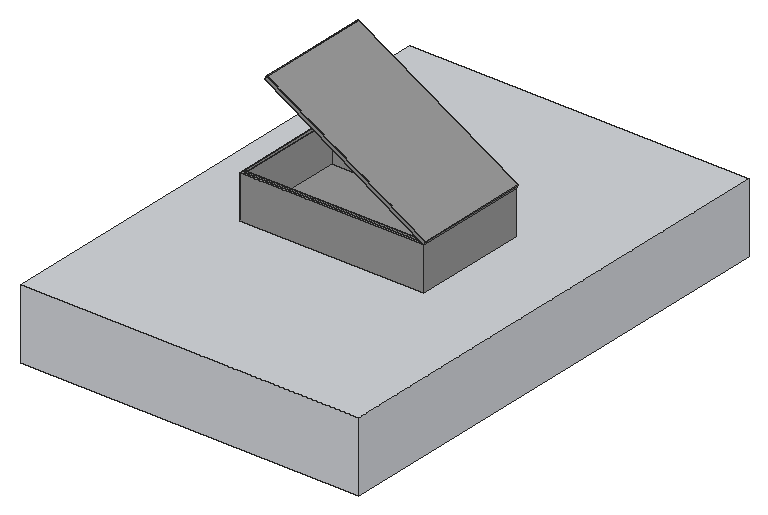
Revit family "Hager-Univers-IP54-D205-H500-Cl.II-Encl-CH-de", category Equipement électrique, Revit 2020
Family settings
  Hôte = Face
  Configuration du panneau = Deux colonnes, circuits au sein
  Cote de connecteur circulaire = Utiliser le diamètre
  Type d'élément = Tableau de raccordement
  Couper avec des vides une fois chargée = Non
  Partagée = Non
  Point de calcul de pièce = Non
Parameters (values of type "Aufputz IP54 B800 H500 T205  - FP33QSW")
  Width Control [instance] = if([EF000008 - Breite] > Min Width, [EF000008 - Breite], Min Width)  # 800 mm
  Commentaires du type = [HG000003 - Bereich]  # "Univers"
  Thickness Door [instance] = if([EF009171 - Materialstärke Tür/Deckel] > 3 mm, 3 mm, [EF009171 - Materialstärke Tür/Deckel])  # 1 mm
  Seal Frame Offset [instance] = 17 mm  # constant formula
  Plinth Visibility [instance] = [HG000027 - Sockelhöhe] > 0 mm  # no
  Model = ""
  Min Width [instance] = 100 mm  # constant formula
  Min Height [instance] = 100 mm  # constant formula
  Min Depth [instance] = (2 * [EF009170 - Materialstärke Gehäuse]) + 1 mm  # 3 mm
  Internal Frame Depth [instance] = (Door System Depth * 0.5)  # 9 mm
  Height Control [instance] = if([EF000040 - Höhe] > Min Height, [EF000040 - Höhe], Min Height)  # 500 mm
  HG000027 - Sockelhöhe = 0 mm
  HG000026 - Stehend auf dem Boden = no
  HG000024 - Höhe des unteren Teils = 800 mm
  HG000023 - Gehäuse mit doppeltem Querschnitt = no
  HG000016 - 3D-Türsichtbarkeit [instance] = yes
  HG000015 - Sichtbarkeit der Türöffnung [instance] = no
  HG000014 - Tür rechts [instance] = yes
  HG000013 - Tür links [instance] = not([HG000014 - Tür rechts])  # no
  HG000012 - Türschwenkwinkel [instance] = 30.00°
  HG000010 - Asymmetrische Türen = no
  HG000009 - Doppelflügeligen Tür = no
  HG000006 - Unterputz = no
  HG000004 - Herstellerreferenz = "FP33QSW"
  HG000003 - Bereich = "Univers"
  HG000002 - Mit tür = yes
  Frame Offset Bottom [instance] = 10 mm  # constant formula
  Frame Offset [instance] = 15 mm  # constant formula
  EF015940 - Deckel mit Überdruckentlastung = no
  EF011959 - Schutzart (NEMA) = ""
  EF009554 - Anzahl der Öffnungen für Flanschplatten = 6
  Fabricant = "Hager"  # constant formula
  EF009212 - Ausführung Deckel = "EV000116 - geschlossen"
  EF009171 - Materialstärke Tür/Deckel = 1 mm
  EF009170 - Materialstärke Gehäuse = 1 mm
  EF008873 - Nennstrom (In) = 250 A
  EF007800 - Geeignet für Blitzschutz = no
  EF006306 - Mit Schloss = no
  EF006244 - Transparenter Deckel/Tür = no
  EF005474 - Schutzart (IP) = "EV006419 - IP54"
  EF004464 - Art der Tür = "EV002646 - Einzel"
  EF004427 - Anzahl der Module = 108
  EF004293 - Schlagfestigkeit = "EV006815 - IK09"
  EF003532 - Geeignet für Außengebrauch = no
  EF002950 - Breite in Teilungseinheiten = 36
  EF001613 - Funktionserhalt = "EV000494 - ohne"
  EF001596 - Werkstoff des Gehäuses = "EV000179 - Stahl"
  EF001131 - Innentiefe = 130 mm
  EF001088 - Anbaumöglichkeit = yes
  EF000437 - Anzahl der Leitungseinführungen = 6
  EF000339 - Art der Abdeckung = "EV001012 - Deckel"
  EF000266 - Anzahl der Reihen = 3
  EF000218 - Einbautiefe = 0 mm
  EF000118 - Mit Montageplatte = no
  EF000116 - RAL-Nummer = "9010"
  EF000049 - Tiefe = 205 mm
  EF000040 - Höhe = 500 mm
  EF000008 - Breite = 800 mm
  EF000007 - Farbe = "EV000202 - weiß"
  EF000003 - Montageart = "EV000384 - Aufputz"
  Door System Leaf Tolerance [instance] = 1.5 mm  # constant formula
  Door System Depth [instance] = 18 mm  # constant formula
  Door Height [instance] = Height Control - [HG000027 - Sockelhöhe]  # 500 mm
  Depth Control [instance] = if([EF000049 - Tiefe] > Min Depth, [EF000049 - Tiefe], Min Depth)  # 205 mm
  Default Elevation = 0 mm
  Connector Offset [instance] = Height Control / 2  # 250 mm
  Bottom Top Plate Trim [instance] = 1.5 mm  # constant formula
  Plinth height Ctrl [instance] = if([HG000027 - Sockelhöhe] > 0 mm, [HG000027 - Sockelhöhe], 12 mm)  # 12 mm
Types (3, lengths in mm): name | Width Control | HG000004 - Herstellerreferenz | EF009554 - Anzahl der Öffnungen für Flanschplatten | EF004427 - Anzahl der Module | EF002950 - Breite in Teilungseinheiten | EF000437 - Anzahl der Leitungseinführungen | EF000008 - Breite
  Aufputz IP54 B300 H500 T205  - FP31QSW | 300 | "FP31QSW" | 2 | 36 | 12 | 2 | 300
  Aufputz IP54 B550 H500 T205  - FP32QSW | 550 | "FP32QSW" | 4 | 72 | 24 | 4 | 550
  Aufputz IP54 B800 H500 T205  - FP33QSW | 800 | "FP33QSW" | 6 | 108 | 36 | 6 | 800
Reference planes
  plane 1 "Center (Front/Back)": y = 0
  plane 2: z = 0
  plane 3 "Center (Left/Right)": x = 0
  plane 4: z = 205
  plane 5: y = 1
  plane 6: y = 250
  plane 7: y = 0
  plane 8: y = 500
  plane 9: z = 0
  plane 10: x = -385
  plane 11: x = 385
  plane 12: x = 384
  plane 13: x = -384
  plane 14: y = 499
  plane 15: x = -383
  plane 16: x = -400
  plane 17: x = 383
  plane 18: x = 400
  plane 19: x = 399
  plane 20: x = -399
  plane 21: y = 11
  plane 22: y = 500
  plane 23: y = 484
  plane 24: z = 187
  plane 25: z = 1
  plane 26: z = 186
  plane 27: z = 204
Forms (mm)
  Extrusion 1, solid
    sketch origin (0, 0, 0) x (1, 0, 0) y (0, 1, 0)
      loop
        line (-702.964, 1305) -> (-702.964, -811.445) -> (766.763, -811.445) -> (766.763, 1305) -> (-702.964, 1305)
    from 0 to -304.8
  Extrusion 2, solid, material "Hager_Steel_RAL7035_Light_Grey", visible <- "Plinth Visibility", detail levels medium+fine
    sketch origin (0, 0, 0) x (1, 0, 0) y (0, 1, 0)
      loop
        line (-400, 0) -> (400, 0) -> (400, 12) -> (-400, 12) -> (-400, 0)
    from 0 to 187
  Extrusion 3, solid, material "Hager_Steel_RAL7035_Light_Grey", detail levels medium+fine
    sketch origin (0, 0, 0) x (1, 0, 0) y (0, 1, 0)
      loop
        line (-400, 0) -> (400, 0) -> (400, 500) -> (-400, 500) -> (-400, 0)
    from 0 to 187
  Extrusion 4, void
    sketch origin (0, 0, 0) x (1, 0, 0) y (0, 1, 0)
      loop
        line (-399, 1) -> (399, 1) -> (399, 499) -> (-399, 499) -> (-399, 1)
    from 1 to 186
  Extrusion 5, void
    sketch origin (-381.607, -4572, 187) x (0, -1, 0) y (-1, 0, 0)
      loop
        line (-4583, 2.393) -> (-5056, 2.393) -> (-5056, -765.607) -> (-4583, -765.607) -> (-4583, 2.393)
    from 0 to 1 <- "EF009170 - Materialstärke Gehäuse"
  Extrusion 6, solid, material "Hager_Steel_RAL7035_Light_Grey", detail levels fine
    sketch origin (0, 0, 187) x (1, 0, 0) y (0, 1, 0)
      loop
        line (-384, 484) -> (-384, 11) -> (384, 11) -> (384, 484) -> (-384, 484)
      loop
        line (-385, 10) -> (385, 10) -> (385, 485) -> (-385, 485) -> (-385, 10)
    from 0 to 9 <- "Internal Frame Depth"
  Extrusion 7, solid, material "Hager_Steel_RAL7035_Light_Grey", detail levels coarse
    sketch origin (0, 0, 0) x (1, 0, 0) y (0, 1, 0)
      loop
        line (-400, 0) -> (400, 0) -> (400, 500) -> (-400, 500) -> (-400, 0)
    from 0 to 205
  Sweep 8, void
    path in 3D
      loop
        line (-400, 12, 0) -> (400, 12, 0) -> (400, 12, 187) -> (-400, 12, 187) -> (-400, 12, 0)
    profile origin (-400, 12, 93.5) x (-1, 0, 0) y (0, -1, 0)
      loop
        line (0, 0) -> (0, 1.5) -> (-1.5, 1.5)
        arc (-1.5, 1.5) -> (-1.061, 0.439) -> (0, 0) r 1.5
Cuts and joins
  Extrusion 4, Extrusion 5 cuts Extrusion 3
  Sweep 8 cuts Extrusion 2
Lines and regions (mm)
  Masking region 1
    outline origin (0, 0, 0) x (1, 0, 0) y (0, 0, 1)
      loop
        line (-400, 205) -> (-400, 0) -> (400, 0) -> (400, 205) -> (-400, 205)
  Masking region 2, detail levels medium+fine
    outline origin (0, 140, 0) x (0, 1, 0) y (0, 0, 1)
      loop
        line (-140, 0) -> (360, 0) -> (360, 187) -> (-140, 187) -> (-140, 0)
  Masking region 3, not visible, detail levels medium+fine
    outline origin (0, 297.922, 0) x (0, 1, 0) y (0, 0, 1)
      loop
        line (-36.422, 0) -> (3.578, 0) -> (3.578, 194)
        arc (3.578, 194) -> (0.649, 201.071) -> (-6.422, 204) r 10
        line (-6.422, 204) -> (-36.422, 204) -> (-36.422, 0)
  Masking region 4, detail levels coarse
    outline origin (0, 0, 180) x (0, 1, 0) y (0, 0, 1)
      loop
        line (0, -180) -> (500, -180) -> (500, 25) -> (0, 25) -> (0, -180)
  Masking region 5, visible <- "Plinth Visibility", detail levels medium+fine
    outline origin (0, 52.24, 12.345) x (0, 0, -1) y (0, 1, 0)
      loop
        line (10.845, -40.24) -> (-173.155, -40.24)
        arc (-173.155, -40.24) -> (-173.594, -41.301) -> (-174.655, -41.74) r 1.5
        line (-174.655, -41.74) -> (-174.655, -52.24) -> (12.345, -52.24) -> (12.345, -41.74)
        arc (12.345, -41.74) -> (11.285, -41.301) -> (10.845, -40.24) r 1.5
  Masking region 6, detail levels medium+fine
    outline origin (-381.607, -4572, 187) x (-1, 0, 0) y (0, -1, 0)
      loop
        line (18.393, -5072) -> (18.393, -4572) -> (-781.607, -4572) -> (-781.607, -5072) -> (18.393, -5072)
  Masking region 7, visible <- "Plinth Visibility", detail levels medium+fine
    outline origin (-381.607, -4727, 187) x (-1, 0, 0) y (0, -1, 0)
      loop
        arc (16.893, -4739) -> (17.332, -4737.939) -> (18.393, -4737.5) r 1.5
        line (18.393, -4737.5) -> (18.393, -4727) -> (-781.607, -4727) -> (-781.607, -4737.5)
        arc (-781.607, -4737.5) -> (-780.546, -4737.939) -> (-780.107, -4739) r 1.5
        line (-780.107, -4739) -> (16.893, -4739)
  Masking region 8, detail levels coarse
    outline origin (-442.548, -4669.526, 187) x (-1, 0, 0) y (0, -1, 0)
      loop
        line (-42.548, -5169.526) -> (-42.548, -4669.526) -> (-842.548, -4669.526) -> (-842.548, -5169.526) -> (-42.548, -5169.526)
  sketch lines
    curve 1: line (-400, 12, 187) -> (-400, 12, 0)
    curve 2: line (400, 12, 187) -> (-400, 12, 187)
    curve 3: line (400, 12, 187) -> (400, 12, 0)
    curve 4: line (-400, 12, 0) -> (400, 12, 0)
Dimensions and locks
  "Depth Control": plane 4 to Extrusion 1
  "HG000027 - Sockelhöhe": plane 1 "Center (Front/Back)" to plane 7
  "EF009170 - Materialstärke Gehäuse": plane 5 to plane 7
  locked: connector elem to plane 3 "Center (Left/Right)"
  equal spacing: plane 8, plane 6, plane 7
  locked: connector elem to plane 6
  "EF009170 - Materialstärke Gehäuse": plane 8 to plane 14
  "EF009170 - Materialstärke Gehäuse": plane 10 to plane 13
  "EF009170 - Materialstärke Gehäuse": plane 12 to plane 11
  "Frame Offset": plane 20 to plane 13
  "Frame Offset": plane 12 to plane 19
  "EF009170 - Materialstärke Gehäuse": plane 16 to plane 20
  "EF009170 - Materialstärke Gehäuse": plane 19 to plane 18
  "Seal Frame Offset": plane 16 to plane 15
  "Seal Frame Offset": plane 17 to plane 18
  "Frame Offset Bottom": plane 21 to plane 5
  "Frame Offset": plane 14 to plane 23
  equal spacing: plane 16, plane 3 "Center (Left/Right)", plane 18
  "Width Control": plane 16 to plane 18
  "EF009170 - Materialstärke Gehäuse": plane 4 to plane 27
  "EF009170 - Materialstärke Gehäuse": plane 24 to plane 26
  "EF009170 - Materialstärke Gehäuse": plane 25 to level
  "Door System Depth": plane 4 to plane 24
  "Height Control": plane 1 "Center (Front/Back)" to Extrusion 7 sketch curve
  "Height Control": Masking region 4 sketch curve to plane 1 "Center (Front/Back)"
  "Height Control": plane 1 "Center (Front/Back)" to plane 22
  "Bottom Top Plate Trim": profile plane to Sweep 8 sketch curve
  "Bottom Top Plate Trim": Sweep 8 sketch curve to profile plane
  "Plinth height Ctrl": plane 1 "Center (Front/Back)" to Extrusion 2 sketch curve
  "Plinth height Ctrl": Masking region 5 sketch curve to plane 1 "Center (Front/Back)"
  "Plinth height Ctrl": plane 1 "Center (Front/Back)" to Masking region 7 sketch curve
  "Thickness Door": Extrusion 6 sketch curve to Extrusion 6 sketch curve  (x3)
  "Thickness Door": cut or joined group of Extrusion 3, Extrusion 4, Extrusion 5 to Extrusion 6 sketch curve
  radius of Masking region 3 sketch curve = 10 mm
  "Bottom Top Plate Trim": radius of Masking region 5 sketch curve  (x2)
  "Bottom Top Plate Trim": radius of Sweep 8 sketch curve
  "Bottom Top Plate Trim": radius of Masking region 7 sketch curve  (x2)
  aligned and locked: plane 2 to Extrusion 1
  aligned and locked: level to Extrusion 1
  aligned and locked: level to Masking region 1 sketch curve
  aligned and locked: Masking region 1 sketch curve to plane 18
  aligned and locked: Masking region 1 sketch curve to plane 16
  aligned and locked: plane 7 to Masking region 2 sketch curve
  aligned and locked: level to Masking region 3 sketch curve
  aligned and locked: Masking region 3 sketch curve to plane 27
  aligned and locked: level to Masking region 2 sketch curve
  aligned and locked: plane 1 "Center (Front/Back)" to Extrusion 2 sketch curve
  aligned and locked: Extrusion 3 sketch curve to plane 7
  aligned and locked: plane 16 to Extrusion 3 sketch curve
  aligned and locked: plane 18 to Extrusion 3 sketch curve
  aligned and locked: plane 20 to Extrusion 4 sketch curve
  aligned and locked: plane 19 to Extrusion 4 sketch curve
  aligned and locked: Extrusion 4 sketch curve to plane 5
  aligned and locked: Extrusion 4 to plane 25
  aligned and locked: plane 26 to Extrusion 4
  aligned and locked: plane 24 to Extrusion 3
  aligned and locked: Extrusion 5 sketch curve to plane 21
  aligned and locked: Extrusion 5 sketch curve to plane 13
  aligned and locked: Extrusion 5 sketch curve to plane 12
  aligned and locked: plane 18 to Extrusion 7 sketch curve
  aligned and locked: plane 1 "Center (Front/Back)" to Extrusion 7 sketch curve
  aligned and locked: plane 16 to Extrusion 7 sketch curve
  aligned and locked: plane 4 to Extrusion 7
  aligned and locked: Extrusion 7 to level
  aligned and locked: level to Masking region 4 sketch curve
  aligned and locked: Masking region 4 sketch curve to plane 1 "Center (Front/Back)"
  aligned and locked: Masking region 4 sketch curve to plane 4
  aligned and locked: nested 1 to level
  aligned and locked: nested 1 to plane 16
  aligned and locked: plane 8 to Extrusion 3 sketch curve
  aligned and locked: plane 23 to Extrusion 5 sketch curve
  aligned and locked: plane 14 to Extrusion 4 sketch curve
  aligned and locked: Masking region 2 sketch curve to plane 8
  aligned and locked: level to Masking region 5 sketch curve
  aligned and locked: plane 16 to Extrusion 2 sketch curve
  aligned and locked: plane 18 to Extrusion 2 sketch curve
  aligned and locked: Masking region 5 sketch curve to plane 24
  aligned and locked: Masking region 2 sketch curve to plane 24
  aligned and locked: plane 24 to Extrusion 2
  aligned and locked: profile plane to Sweep 8 sketch curve  (x2)
  aligned and locked: Masking region 6 sketch curve to plane 18
  aligned and locked: Masking region 6 sketch curve to plane 22
  aligned and locked: Masking region 6 sketch curve to plane 16
  aligned and locked: plane 8 to plane 22
  aligned and locked: Masking region 6 sketch curve to plane 7
  aligned and locked: Masking region 7 sketch curve to plane 16
  aligned and locked: Masking region 7 sketch curve to plane 1 "Center (Front/Back)"
  aligned and locked: Masking region 7 sketch curve to plane 18
  aligned and locked: Masking region 8 sketch curve to plane 1 "Center (Front/Back)"
  aligned and locked: Masking region 8 sketch curve to plane 18
  aligned and locked: Masking region 8 sketch curve to plane 22
  aligned and locked: Masking region 8 sketch curve to plane 16
  aligned and locked: nested 2 to plane 7
  aligned and locked: plane 3 "Center (Left/Right)" to nested 2
  aligned and locked: nested 2 to plane 24
  aligned and locked: Extrusion 6 sketch curve to cut or joined group of Extrusion 3, Extrusion 4, Extrusion 5  (x4)
Automatic sketch dimensions
  Extrusion 1 sketch curve to Extrusion 1 sketch curve = 1469.727 mm
  Extrusion 1 sketch curve to Extrusion 1 sketch curve = 2116.445 mm
  Masking region 1 sketch curve to plane 4 = 0 mm
  plane 6 to Masking region 3 sketch curve = 11.5 mm
  Masking region 3 sketch curve to Masking region 3 sketch curve = 30 mm
  Masking region 5 sketch curve to plane 1 "Center (Front/Back)" = 0 mm
Nested families
  nested 1: "Hager_Enclosure_Symbol" at (-400, 0, 0) x (1, 0, 0) z (0, -1, 0), Height <- "Depth Control", Width <- "Width Control", type "Hager_Enclosure_Symbol"
    with Width_Ctrl 800 mm, Width 800 mm, Height_Ctrl 205 mm, Height 205 mm, A_Width_Int 13.453 mm, A_Width 161.438 mm, A_Height_Ctrl 179.375 mm, A_Height 179.375 mm
  nested 2: "EC000058_Univers_Door" at (0, 0, 187) x (1, 0, 0) z (0, 1, 0), Leaf_Tolerance <- "Door System Leaf Tolerance", Angle <- "HG000012 - Türschwenkwinkel", Door_Depth <- "Door System Depth", Door_Left <- "HG000013 - Tür links", Transparent <- "EF006244 - Transparenter Deckel/Tür", Assymetrical <- "HG000010 - Asymmetrische Türen", Width <- "Width Control", Clearance <- "HG000015 - Sichtbarkeit der Türöffnung", Double <- "HG000009 - Doppelflügeligen Tür", 3d_Door <- "HG000016 - 3D-Türsichtbarkeit", Lock_Visibility <- "EF006306 - Mit Schloss", Width_Ctrl <- "Width Control", Door_Right <- "HG000014 - Tür rechts", Door <- "HG000002 - Mit tür", Height <- "Door Height", Thickness <- "Thickness Door", type "EC000058_Univers_Door", detail levels medium+fine
    with min_wh 3 mm, Width_Ctrl 800 mm, Width 800 mm, Transparent no, Thickness 1 mm, Seal_Material Hager_Rubber, Lock_Visibility no, Lock_Material Hager_Plastic_RAL9005_Jet_Black, Leaf_Width 800 mm, Leaf_Tolerance_External_Sides 0 mm, Leaf_Tolerance 1.5 mm, Leaf_Offset 0 mm, Leaf_Height 497 mm, Leaf_2_Width 800 mm, Leaf_2_Offset 400 mm, Leaf_1_Width 800 mm, Leaf_1_Offset 400 mm, Height_Ctrl 500 mm, Height 500 mm, Glass_Material Hager_Glass, Double_Clearance_Ctrl no, Double no, Door_Right_Ctrl yes, Door_Right yes, Door_Material Hager_Steel_RAL7035_Light_Grey, Door_Left_Ctrl no, Door_Left no, Door_Depth 18 mm, Door yes, Clearance_Material Hager_Clearance, Clearance_Depth 800 mm, Clearance_Ctrl no, Clearance no, Assymetrical no, Angle 30.00°, 3d_Door yes
Connectors
  electrical at (0, 250, 0)
    settings: on plane 9, index 1, voltage 0 V, apparent load 0 VA, apparent load phase1 0 VA, apparent load phase2 0 VA, apparent load phase3 0 VA, power factor 1, load classification "Other", number of poles 1, system type 30, power factor state 1, is connector primary yes, connector utility no, sub classification motor no, connector description ""
Definition of nested family "EC000058_Univers_Door"
  Parameters (values of type "EC000058_Univers_Door")
    min_wh [instance] = (2 * Thickness) + 1 mm  # 11 mm
    Width_Ctrl [instance] = 400 mm
    Width [instance] = 500 mm
    Transparent [instance] = yes
    Thickness [instance] = 5 mm
    Seal_Material [instance] = none
    Lock_Visibility [instance] = yes
    Lock_Material [instance] = none
    Leaf_Width [instance] = if((Width_Ctrl - 2 * Leaf_Tolerance_External_Sides) > 0 mm, (Width_Ctrl - 2 * Leaf_Tolerance_External_Sides), min_wh)  # 400 mm
    Leaf_Tolerance_External_Sides [instance] = 0 mm  # constant formula
    Leaf_Tolerance [instance] = 1.5 mm
    Leaf_Offset [instance] = 0 mm  # constant formula
    Leaf_Height [instance] = if((Height_Ctrl - 2 * Leaf_Tolerance) > 0 mm, (Height_Ctrl - 2 * Leaf_Tolerance), min_wh)  # 497 mm
    Leaf_2_Width [instance] = if(and(and(Double, Assymetrical), Door_Left), (Leaf_Width / 3) - (Leaf_Tolerance / 2), if(and(and(Double, Assymetrical), Door_Right), (Leaf_Width / 3) * 2 - (Leaf_Tolerance / 2), if(and(Double, not(Assymetrical)), (Leaf_Width / 2) - Leaf_Tolerance, Leaf_Width)))  # 400 mm
    Leaf_2_Offset [instance] = if(and(Double, Assymetrical), Leaf_2_Width / 2, if(and(Double, not(Assymetrical)), Leaf_Width / 4, Leaf_Width / 2))  # 200 mm
    Leaf_1_Width [instance] = if(and(and(Double, Assymetrical), Door_Right), (Leaf_Width / 3) - (Leaf_Tolerance / 2), if(and(and(Double, Assymetrical), Door_Left), (Width / 3) * 2 - (Leaf_Tolerance / 2), if(and(Double, not(Assymetrical)), (Leaf_Width / 2) - Leaf_Tolerance, Leaf_Width)))  # 400 mm
    Leaf_1_Offset [instance] = if(and(Double, Assymetrical), Leaf_1_Width / 2, if(and(Double, not(Assymetrical)), Leaf_Width / 4, Leaf_Width / 2))  # 200 mm
    Height_Ctrl [instance] = if(Height > min_wh, Height, min_wh)  # 500 mm
    Height [instance] = 500 mm
    Glass_Material [instance] = none
    Double_Clearance_Ctrl [instance] = and(Double, Clearance)  # no
    Double [instance] = no
    Door_Right_Ctrl [instance] = and(or(Door_Right, Double), Door)  # yes
    Door_Right [instance] = yes
    Door_Material [instance] = none
    Door_Left_Ctrl [instance] = and(or(Door_Left, Double), Door)  # no
    Door_Left [instance] = no
    Door_Depth [instance] = 30 mm
    Door [instance] = yes
    Default Elevation = 1219.2 mm
    Clearance_Material [instance] = none
    Clearance_Depth [instance] = if(Leaf_1_Width > Leaf_2_Width, Leaf_1_Width, Leaf_2_Width)  # 400 mm
    Clearance_Ctrl [instance] = and(not(Double), Clearance)  # yes
    Clearance [instance] = yes
    Assymetrical [instance] = yes
    Angle [instance] = 30.00°
    3d_Door [instance] = yes
  Reference planes
    plane 1 "Center (Front/Back)": y = 0
    plane 2 "Bottom": z = 0
    plane 3 "Center (Left/Right)": x = 0
    plane 4: z = 500
    plane 5: x = -200
    plane 6: x = 200
    plane 7: z = 500
    plane 8: x = -200
    plane 9: z = 0
    plane 10: x = 200
    plane 11: y = 0
    plane 12: z = 1.5
    plane 13: x = -600
    plane 14: y = -400
    plane 15: x = 600
    plane 16: x = 0
    plane 17: x = 0
    plane 18: x = -200
    plane 19: x = 200
    plane 20: z = 498.5
  Forms (mm)
    Extrusion 1, solid, material <- "Clearance_Material", visible <- "Double_Clearance_Ctrl"
      sketch origin (1200, 0, 0) x (1, 0, 0) y (0, 0, -1)
        loop
          line (-1800, -498.5) -> (-600, -498.5) -> (-600, 0) -> (-1800, 0) -> (-1800, -498.5)
      from 0 to -400
  Dimensions and locks
    equal spacing: plane 5, plane 3 "Center (Left/Right)", plane 6
    "Width_Ctrl": plane 5 to plane 6
    "Leaf_Offset": plane 5 to plane 8
    "Leaf_Offset": plane 6 to plane 10
    "Leaf_Offset": plane 9 to level
    "Leaf_Offset": plane 4 to plane 7
    "Height_Ctrl": plane 4 to level
    "Leaf_Tolerance": plane 12 to plane 9
    locked: plane 11 to plane 1 "Center (Front/Back)"
    "Leaf_1_Offset": plane 18 to plane 16
    "Leaf_2_Offset": plane 17 to plane 19
    "Leaf_1_Width": plane 13 to plane 8
    "Leaf_2_Width": plane 10 to plane 15
    "Clearance_Depth": plane 14 to plane 1 "Center (Front/Back)"
    "Leaf_Tolerance_External_Sides": plane 8 to plane 18
    "Leaf_Tolerance_External_Sides": plane 19 to plane 10
    "Leaf_Tolerance": plane 7 to plane 20
    aligned and locked: level to plane 2 "Bottom"
    aligned and locked: nested 1 to plane 16
    aligned and locked: nested 2 to plane 17
    aligned and locked: Extrusion 1 to plane 13
    aligned and locked: plane 15 to Extrusion 1
    aligned and locked: Extrusion 1 to plane 14
    aligned and locked: plane 12 to nested 1
    aligned and locked: nested 2 to plane 12
    aligned and locked: Extrusion 1 to plane 11
    aligned and locked: plane 20 to Extrusion 1
    aligned and locked: nested 2 to plane 11
    aligned and locked: nested 1 to plane 11
  Automatic sketch dimensions
    Extrusion 1 sketch curve to level = 0 mm
    plane 5 to Extrusion 1 sketch curve = 400 mm
    plane 6 to Extrusion 1 sketch curve = 400 mm
    Extrusion 1 sketch curve to plane 4 = 1.5 mm
  Nested families
    nested 1: "EC000058_Univers_Door_Leaf" at (0, 0, 1.5), Width <- "Leaf_1_Width", visible <- "Door_Left_Ctrl", Leaf_Height <- "Leaf_Height", Angle <- "Angle", 3d_Door <- "3d_Door", Transparent <- "Transparent", Clearance Material <- "Clearance_Material", Clearance <- "Clearance_Ctrl", Door_Material <- "Door_Material", Glass_Material <- "Glass_Material", Door_Depth <- "Door_Depth", Lock_Material <- "Lock_Material", Seal_Material <- "Seal_Material", Lock_Visibility <- "Lock_Visibility", Thickness <- "Thickness", type "EC000058_Univers_Door_Leaf"
      with Width 400 mm, Transparent_Glass_Offset 30 mm, Transparent_Ctrl yes, Transparent yes, Thickness 5 mm, Standard no, Seal_Material none, Seal_D2 8 mm, Seal_D1 1 mm, Offset_Internal_Frame 10 mm, Lock_Width 20 mm, Lock_Visibility_3d yes, Lock_Visibility yes, Lock_Thickness_3 3 mm, Lock_Thickness_2 1 mm, Lock_Thickness_1 3 mm, Lock_Radius_Offset_2 16 mm, Lock_Radius_Offset_1 15 mm, Lock_Radius_2 5 mm, Lock_Radius 6 mm, Lock_Offset 5 mm, Lock_Material none, Lock_Height 80 mm, Lock_Cover_Top_Offset_2d 17 mm, Lock_Cover_Height -65 mm, Leaf_Height 497 mm, Internal_Seal_Thickness 8 mm, Internal_Seal_Depth_2 4.5 mm, Internal_Frame_Depth 25 mm, Glass_Thickness -1 mm, Glass_Offset -2 mm, Glass_Material none, Door_Material none, Door_Depth 30 mm, Clearance Material none, Clearance yes, Angle_Ctrl 30.00°, Angle 30.00°, 3d_Door yes
    nested 2: "EC000058_Univers_Door_Leaf" at (0, 0, 1.5) x (-1, 0, 0) z (0, 0, 1), Width <- "Leaf_2_Width", visible <- "Door_Right_Ctrl", Leaf_Height <- "Leaf_Height", Angle <- "Angle", 3d_Door <- "3d_Door", Transparent <- "Transparent", Clearance Material <- "Clearance_Material", Clearance <- "Clearance_Ctrl", Door_Material <- "Door_Material", Glass_Material <- "Glass_Material", Door_Depth <- "Door_Depth", Lock_Material <- "Lock_Material", Seal_Material <- "Seal_Material", Lock_Visibility <- "Lock_Visibility", Thickness <- "Thickness", type "EC000058_Univers_Door_Leaf"
      with Width 400 mm, Transparent_Glass_Offset 30 mm, Transparent_Ctrl yes, Transparent yes, Thickness 5 mm, Standard no, Seal_Material none, Seal_D2 8 mm, Seal_D1 1 mm, Offset_Internal_Frame 10 mm, Lock_Width 20 mm, Lock_Visibility_3d yes, Lock_Visibility yes, Lock_Thickness_3 3 mm, Lock_Thickness_2 1 mm, Lock_Thickness_1 3 mm, Lock_Radius_Offset_2 16 mm, Lock_Radius_Offset_1 15 mm, Lock_Radius_2 5 mm, Lock_Radius 6 mm, Lock_Offset 5 mm, Lock_Material none, Lock_Height 80 mm, Lock_Cover_Top_Offset_2d 17 mm, Lock_Cover_Height -65 mm, Leaf_Height 497 mm, Internal_Seal_Thickness 8 mm, Internal_Seal_Depth_2 4.5 mm, Internal_Frame_Depth 25 mm, Glass_Thickness -1 mm, Glass_Offset -2 mm, Glass_Material none, Door_Material none, Door_Depth 30 mm, Clearance Material none, Clearance yes, Angle_Ctrl 30.00°, Angle 30.00°, 3d_Door yes
  Definition of nested family "EC000058_Univers_Door_Leaf"
    Parameters (values of type "EC000058_Univers_Door_Leaf")
      Width [instance] = 2000 mm
      Transparent_Glass_Offset [instance] = 30 mm
      Transparent_Ctrl [instance] = and(Transparent, [3d_Door])  # yes
      Transparent [instance] = yes
      Thickness [instance] = 5 mm
      Standard [instance] = and(not(Transparent), [3d_Door])  # no
      Seal_Material [instance] = none
      Seal_D2 [instance] = 8 mm  # constant formula
      Seal_D1 [instance] = 1 mm  # constant formula
      Offset_Internal_Frame [instance] = 10 mm  # constant formula
      Lock_Width [instance] = 20 mm  # constant formula
      Lock_Visibility_3d [instance] = and(Lock_Visibility, [3d_Door])  # yes
      Lock_Visibility [instance] = yes
      Lock_Thickness_3 [instance] = 3 mm  # constant formula
      Lock_Thickness_2 [instance] = 1 mm  # constant formula
      Lock_Thickness_1 [instance] = 3 mm  # constant formula
      Lock_Radius_Offset_2 [instance] = Lock_Radius_Offset_1 + 1 mm  # 16 mm
      Lock_Radius_Offset_1 [instance] = 15 mm  # constant formula
      Lock_Radius_2 [instance] = Lock_Radius - 1 mm  # 5 mm
      Lock_Radius [instance] = 6 mm  # constant formula
      Lock_Offset [instance] = 5 mm  # constant formula
      Lock_Material [instance] = none
      Lock_Height [instance] = 80 mm  # constant formula
      Lock_Cover_Top_Offset_2d [instance] = Lock_Radius_Offset_2 + 1 mm  # 17 mm
      Lock_Cover_Height [instance] = -(Lock_Height - Lock_Radius_Offset_1)  # -65 mm
      Leaf_Height [instance] = 2720.336 mm
      Internal_Seal_Thickness [instance] = 8 mm  # constant formula
      Internal_Seal_Depth_2 [instance] = 4.5 mm  # constant formula
      Internal_Frame_Depth [instance] = if(Door_Depth - Thickness > 5 mm, Door_Depth - Thickness, 5 mm)  # 25 mm
      Glass_Thickness [instance] = if(Thickness > 15 mm, Glass_Offset + 10 mm, -1 mm)  # -1 mm
      Glass_Offset [instance] = if(Thickness > 15 mm, -(Thickness + 10 mm) / 2, -2 mm)  # -2 mm
      Glass_Material [instance] = none
      Door_Material [instance] = none
      Door_Depth [instance] = 30 mm
      Default Elevation = 0 mm
      Clearance Material [instance] = none
      Clearance [instance] = yes
      Angle_Ctrl [instance] = if(Angle > 180.00°, 180.00°, Angle)  # 90.00°
      Angle [instance] = 90.00°
      3d_Door [instance] = yes
    Reference planes
      plane 1 "Center (Front/Back)": y = 0
      plane 2: z = 0
      plane 3 "Center (Left/Right)": x = 0
      plane 4: y = 2000
      plane 5: x = -1000
      plane 6: x = 1000
      plane 7: x = -3000
      plane 8: z = 2720.336
      plane 9: z = 30
      plane 10: z = 2690.336
      plane 11: x = 970
      plane 12: x = -970
      plane 13: y = -3
      plane 14: z = 107.833
      plane 15: y = -5
      plane 16: y = -223.314
      plane 17: x = -1000
      plane 18: z = 1360.168
      plane 19: y = 30
    Forms (mm)
      Extrusion 1, solid, material <- "Clearance Material", visible <- "Clearance"
        sketch origin (0, 0, 0) x (1, 0, 0) y (0, 0, 1)
          loop
            line (-3000, 2720.336) -> (-3000, 0) -> (1000, 0) -> (1000, 2720.336) -> (-3000, 2720.336)
        from 0 to -2000
      Extrusion 2, solid, material <- "Door_Material", visible <- "Standard", detail levels medium+fine
        sketch origin (-1000, 0, 0) x (0, 1, 0) y (-1, 0, 0)
          loop
            line (0, 30) -> (0, 25) -> (2000, 25) -> (2000, 30) -> (0, 30)
        from 0 to 2720.336 <- "Leaf_Height"
      Extrusion 3, solid, material <- "Door_Material", visible <- "Transparent_Ctrl", detail levels medium+fine
        sketch origin (-1000, 0, 0) x (0, 1, 0) y (-1, 0, 0)
          loop
            line (0, 25) -> (2000, 25) -> (2000, 30) -> (0, 30) -> (0, 25)
        from 0 to 2720.336 <- "Leaf_Height"
      Extrusion 4, void
        sketch origin (-1025, 2000, 0) x (0, 1, 0) y (0, 0, -1)
          loop
            line (-30, -2690.336) -> (-30, -30) -> (-1970, -30) -> (-1970, -2690.336) -> (-30, -2690.336)
        from 0 to 5 <- "Thickness"
      Sweep 5, solid, material <- "Seal_Material", visible <- "Transparent_Ctrl", detail levels fine
        path in 3D
          loop
            line (-1025, 30, 30) -> (-1025, 30, 2690.336) -> (-1025, 1970, 2690.336) -> (-1025, 1970, 30) -> (-1025, 30, 30)
        profile origin (-1025, 1000, 30) x (1, 0, 0) y (0, 0, 1)
          loop
            line (0, 0) -> (0, -8) -> (1, -8) -> (1, 0) -> (0, 0)
      Extrusion 6, solid, material <- "Glass_Material", visible <- "Transparent_Ctrl", detail levels medium+fine
        sketch origin (-1030, 0, 0) x (0, 1, 0) y (0, 0, -1)
          loop
            line (1970, -2690.336) -> (1970, -30) -> (30, -30) -> (30, -2690.336) -> (1970, -2690.336)
        from -2 <- "Glass_Offset" to -1 <- "Glass_Thickness"
      Extrusion 7, solid, material <- "Door_Material", visible <- "3d_Door", detail levels medium+fine
        sketch origin (-1025, 2000, 0) x (0, -1, 0) y (0, 0, -1)
          loop
            line (0, -2720.336) -> (2000, -2720.336) -> (2000, 0) -> (0, 0) -> (0, -2720.336)
          loop
            line (1995, -5) -> (5, -5) -> (5, -2715.336) -> (1995, -2715.336) -> (1995, -5)
        from 0 to 25 <- "Internal_Frame_Depth"
      Sweep 8, solid, material <- "Seal_Material", visible <- "Transparent_Ctrl", detail levels fine
        path in 3D
          loop
            line (-1025, 0, 0) -> (-1025, 2000, 0) -> (-1025, 2000, 2720.336) -> (-1025, 0, 2720.336) -> (-1025, 0, 0)
        profile origin (-1025, 0, 1360.168) x (1, 0, 0) y (0, 1, 0)
          loop
            line (0, 10) -> (2.975, 10)
            arc (2.975, 10) -> (4.053, 10.447) -> (4.5, 11.525) r 1.525
            line (4.5, 11.525) -> (4.5, 16.527)
            arc (4.5, 16.527) -> (4.069, 17.569) -> (3.027, 18) r 1.473
            line (3.027, 18) -> (0, 18) -> (0, 10)
      Extrusion 9, solid, material <- "Lock_Material", visible <- "Lock_Visibility_3d", detail levels fine
        sketch origin (-1030, 0, 0) x (0, 1, 0) y (0, 0, -1)
          loop
            arc (1993.5, -1400.168) -> (1994.561, -1399.729) -> (1995, -1398.668) r 1.5
            line (1995, -1398.668) -> (1995, -1320.168) -> (1975, -1320.168) -> (1975, -1398.668)
            arc (1975, -1398.668) -> (1975.439, -1399.729) -> (1976.5, -1400.168) r 1.5
            line (1976.5, -1400.168) -> (1993.5, -1400.168)
        from 3 <- "Lock_Thickness_1" to 0
      Blend 10, solid, material <- "Lock_Material", visible <- "Lock_Visibility_3d", detail levels fine
        base sketch origin (-1033, 0, 0) x (0, 1, 0) y (0, 0, -1)
          loop
            line (1975, -1320.168) -> (1975, -1398.668)
            arc (1975, -1398.668) -> (1975.439, -1399.729) -> (1976.5, -1400.168) r 1.5
            line (1976.5, -1400.168) -> (1993.5, -1400.168)
            arc (1993.5, -1400.168) -> (1994.561, -1399.729) -> (1995, -1398.668) r 1.5
            line (1995, -1398.668) -> (1995, -1320.168) -> (1975, -1320.168)
        top sketch origin (-1033, 0, 0) x (0, 1, 0) y (0, 0, -1)
          loop
            line (1976, -1320.168) -> (1976, -1398.668)
            arc (1976, -1398.668) -> (1976.146, -1399.022) -> (1976.5, -1399.168) r 0.5
            line (1976.5, -1399.168) -> (1993.5, -1399.168)
            arc (1993.5, -1399.168) -> (1993.854, -1399.022) -> (1994, -1398.668) r 0.5
            line (1994, -1398.668) -> (1994, -1320.168) -> (1976, -1320.168)
        from 0 to 1 <- "Lock_Thickness_2"
      Blend 11, solid, material <- "Lock_Material", visible <- "Lock_Visibility_3d", detail levels fine
        base sketch origin (-1034, 0, 0) x (0, 1, 0) y (0, 0, -1)
          loop
            line (1978, -1320.168) -> (1978, -1384.168)
            arc (1978, -1384.168) -> (1985, -1391.168) -> (1992, -1384.168) r 7
            line (1992, -1384.168) -> (1992, -1320.168) -> (1978, -1320.168)
        top sketch origin (-1034, 0, 0) x (0, 1, 0) y (0, 0, -1)
          loop
            line (1991, -1320.168) -> (1979, -1320.168) -> (1979, -1383.168)
            arc (1979, -1383.168) -> (1985, -1389.168) -> (1991, -1383.168) r 6
            line (1991, -1383.168) -> (1991, -1320.168)
        from 0 to 3 <- "Lock_Thickness_3"
      Extrusion 12, solid, material <- "Lock_Material", visible <- "Lock_Visibility_3d", detail levels fine
        sketch origin (-1030, 1975, 1320.168) x (1, 0, 0) y (0, -1, 0)
          loop
            line (-7, -19) -> (-7, -1) -> (0, -1) -> (0, 0) -> (-8, 0) -> (-8, -20) -> (0, -20) -> (0, -19) -> (-7, -19)
        from 0 to -65 <- "Lock_Cover_Height"
      Extrusion 13, void
        sketch origin (-1038, 1995, 1320.168) x (-1, 0, 0) y (0, 0, -1)
          loop
            line (-5, -65) -> (0, -65) -> (-5, -60) -> (-5, -65)
        from 0 to 20 <- "Lock_Width"
      Extrusion 14, void
        sketch origin (-1038, 1975, 1320.168) x (0, -1, 0) y (0, 0, -1)
          loop
            circle (-10, -15.995) r 6
          loop
            circle (-10, -15.995) r 5
        from 0 to 2
      Extrusion 15, solid, material <- "Lock_Material", visible <- "Lock_Visibility_3d", detail levels medium
        sketch origin (-1030, 0, 0) x (0, 1, 0) y (0, 0, -1)
          loop
            arc (1993.5, -1400.168) -> (1994.561, -1399.729) -> (1995, -1398.668) r 1.5
            line (1995, -1398.668) -> (1995, -1320.168) -> (1975, -1320.168) -> (1975, -1398.668)
            arc (1975, -1398.668) -> (1975.439, -1399.729) -> (1976.5, -1400.168) r 1.5
            line (1976.5, -1400.168) -> (1993.5, -1400.168)
        from 8 to 0
    Cuts and joins
      Extrusion 4 cuts Extrusion 3
      Extrusion 13, Extrusion 14 cuts Extrusion 9
      Extrusion 14 cuts Blend 11
      Extrusion 13, Extrusion 14 cuts Extrusion 12
      joined: Extrusion 9, Blend 10, Blend 11, Extrusion 12
      Extrusion 14 cuts Extrusion 15
    Lines and regions (mm)
      Masking region 1, visible <- "Lock_Visibility", detail levels fine
        outline origin (0, 0, 0) x (0, 1, 0) y (0, 0, 1)
          loop
            line (30, 1320.168) -> (33, 1320.168) -> (33, 1400.168) -> (30, 1400.168) -> (30, 1320.168)
      Masking region 2, visible <- "Lock_Visibility", detail levels fine
        outline origin (0, 3.143, 0) x (0, 1, 0) y (0, 0, 1)
          loop
            line (29.857, 1354.168) -> (30.857, 1354.168) -> (30.857, 1366.168) -> (29.857, 1366.168) -> (29.857, 1354.168)
      Masking region 3, detail levels medium+fine
        outline origin (0, 0, 0) x (0, 1, 0) y (0, 0, 1)
          loop
            line (0, 0) -> (30, 0) -> (30, 2720.336) -> (0, 2720.336) -> (0, 0)
      Masking region 4, detail levels medium+fine
        outline origin (0, 0, 0) x (1, 0, 0) y (0, 0, 1)
          loop
            line (-1000, 2720.336) -> (-1000, 0) -> (1000, 0) -> (1000, 2720.336) -> (-1000, 2720.336)
      Masking region 5, visible <- "Lock_Visibility", detail levels fine
        outline origin (-47.116, 0, 0) x (1, 0, 0) y (0, 0, 1)
          loop
            arc (1024.616, 1399.168) -> (1023.556, 1398.729) -> (1023.116, 1397.668) r 1.5
            line (1023.116, 1397.668) -> (1023.116, 1320.168) -> (1041.116, 1320.168) -> (1041.116, 1397.668)
            arc (1041.116, 1397.668) -> (1040.677, 1398.729) -> (1039.616, 1399.168) r 1.5
            line (1039.616, 1399.168) -> (1024.616, 1399.168)
      Masking region 6, visible <- "Lock_Visibility", detail levels medium+fine
        outline origin (-25, 0, 0) x (1, 0, 0) y (0, 0, 1)
          loop
            arc (1001.5, 1400.168) -> (1000.439, 1399.729) -> (1000, 1398.668) r 1.5
            line (1000, 1398.668) -> (1000, 1320.168) -> (1020, 1320.168) -> (1020, 1398.668)
            arc (1020, 1398.668) -> (1019.561, 1399.729) -> (1018.5, 1400.168) r 1.5
            line (1018.5, 1400.168) -> (1001.5, 1400.168)
      Masking region 7, visible <- "Lock_Visibility", detail levels fine
        outline origin (-73.735, 0, 0) x (1, 0, 0) y (0, 0, 1)
          loop
            line (1051.735, 1382.168) -> (1065.735, 1382.168) -> (1065.735, 1384.168)
            arc (1065.735, 1384.168) -> (1058.735, 1391.168) -> (1051.735, 1384.168) r 7
            line (1051.735, 1384.168) -> (1051.735, 1382.168)
      Masking region 8, visible <- "Lock_Visibility", detail levels fine
        outline origin (-73.735, 0, 0) x (1, 0, 0) y (0, 0, 1)
          loop
            line (1052.735, 1382.168) -> (1064.735, 1382.168) -> (1064.735, 1383.168)
            arc (1064.735, 1383.168) -> (1058.735, 1389.168) -> (1052.735, 1383.168) r 6
            line (1052.735, 1383.168) -> (1052.735, 1382.168)
      Masking region 9, visible <- "Lock_Visibility", detail levels fine
        outline origin (-25, 0, 0) x (1, 0, 0) y (0, 0, 1)
          loop
            line (1020, 1320.168) -> (1020, 1382.168) -> (1000, 1382.168) -> (1000, 1320.168) -> (1020, 1320.168)
      Masking region 10, detail levels medium+fine
        outline origin (0, 0, 0) x (1, 0, 0) y (0, 0, 1)
          loop
            circle (985, 1335.144) r 6
      Masking region 11, detail levels fine
        outline origin (0, 0, 0) x (1, 0, 0) y (0, 0, 1)
          loop
            circle (985, 1335.144) r 5
      Masking region 12, visible <- "Lock_Visibility", detail levels fine
        outline origin (0, 12.767, 0) x (0, 1, 0) y (0, 0, 1)
          loop
            line (20.233, 1320.168) -> (21.233, 1320.168) -> (21.233, 1399.168) -> (20.233, 1400.168) -> (20.233, 1320.168)
      Masking region 13, visible <- "Lock_Visibility", detail levels fine
        outline origin (0, 13.767, -10) x (0, 1, 0) y (0, 0, 1)
          loop
            line (20.233, 1330.168) -> (23.233, 1330.168) -> (23.233, 1399.168) -> (20.233, 1402.168) -> (20.233, 1330.168)
      Masking region 14, visible <- "Lock_Visibility", detail levels fine
        outline origin (0, 12.767, -10) x (0, 1, 0) y (0, 0, 1)
          loop
            line (20.233, 1330.168) -> (25.233, 1330.168) -> (25.233, 1399.305) -> (20.233, 1394.305) -> (20.233, 1330.168)
      Masking region 15, visible <- "Lock_Visibility", detail levels medium
        outline origin (0, 0, 0) x (0, 1, 0) y (0, 0, 1)
          loop
            line (30, 1320.168) -> (38, 1320.168) -> (38, 1400.168) -> (30, 1400.168) -> (30, 1320.168)
      Masking region 16, visible <- "Lock_Visibility", detail levels fine
        outline origin (-1000, 0, 0) x (0, 1, 0) y (-1, 0, 0)
          loop
            line (1975, 30) -> (1995, 30) -> (1995, 38) -> (1975, 38) -> (1975, 30)
          loop
            line (1979, 37) -> (1976, 37) -> (1976, 34) -> (1978, 34) -> (1979, 37)
          loop
            line (1994, 37) -> (1991, 37) -> (1992, 34) -> (1994, 34) -> (1994, 37)
      Masking region 17, visible <- "Lock_Visibility", detail levels medium
        outline origin (-1000, 0, 0) x (0, 1, 0) y (-1, 0, 0)
          loop
            line (1975, 30) -> (1995, 30) -> (1995, 38) -> (1975, 38) -> (1975, 30)
      symbolic lines
        curve 1: line (1000, 0, 0) -> (-3000, 0, 0)
        curve 2: arc (1000, 0, 0) -> (-1000, 2000, 0) -> (-3000, 0, 0) r 2000
        curve 4: line (-1030, 0, 0) -> (-1030, 2000, 0)
      reference lines
        curve 3: line (-1000, 0, 0) -> (-1000, 2000, 0)
      symbolic lines, detail levels medium+fine
        curve 5: line (-1030, 2000, 0) -> (-1025, 2000, 0)
        curve 7: line (-1025, 0, 0) -> (-1030, 0, 0)
        curve 8: line (-1025, 0, 0) -> (-1000, 0, 0)
        curve 9: line (-1000, 0, 0) -> (-1000, 2000, 0)
        curve 10: line (-1000, 2000, 0) -> (-1025, 2000, 0)
      symbolic lines, detail levels fine
        curve 6: line (-1025, 2000, 0) -> (-1025, 0, 0)
      sketch lines
        curve 11: line (-1025, 0, 2720.336) -> (-1025, 0, 0)
        curve 12: line (-1025, 2000, 0) -> (-1025, 0, 0)
        curve 13: line (-1025, 2000, 2720.336) -> (-1025, 2000, 0)
        curve 14: line (-1025, 0, 2720.336) -> (-1025, 2000, 2720.336)
        curve 15: line (-1025, 1970, 30) -> (-1025, 30, 30)
        curve 16: line (-1025, 30, 30) -> (-1025, 30, 2690.336)
        curve 17: line (-1025, 1970, 2690.336) -> (-1025, 1970, 30)
        curve 18: line (-1025, 30, 2690.336) -> (-1025, 1970, 2690.336)
      symbolic lines, visible <- "Transparent", detail levels medium+fine
        curve 19: line (-970, 0, 2690.336) -> (970, 0, 2690.336)
        curve 20: line (-970, 0, 30) -> (-970, 0, 2690.336)
        curve 21: line (970, 0, 30) -> (-970, 0, 30)
        curve 22: line (970, 0, 2690.336) -> (970, 0, 30)
    Dimensions and locks
      "Width": plane 1 "Center (Front/Back)" to plane 4
      equal spacing: plane 5, plane 3 "Center (Left/Right)", plane 6
      "Width": plane 5 to plane 6
      "Width": plane 7 to plane 5
      "Leaf_Height": plane 8 to level
      "Width": curve 5 to curve 3
      "Width": curve 3 to curve 3
      plane 8 to plane 10 = 30 mm
      plane 9 to level = 30 mm
      plane 12 to plane 5 = 30 mm
      plane 6 to plane 11 = 30 mm
      Extrusion 1 to Extrusion 4 sketch curve = 30 mm
      "Transparent_Glass_Offset": curve 3 to Extrusion 4 sketch curve
      "Transparent_Glass_Offset": Extrusion 4 sketch curve to cut or joined group of Extrusion 3, Extrusion 4  (x2)
      cut or joined group of Extrusion 3, Extrusion 4 to Extrusion 6 sketch curve = 30 mm
      "Transparent_Glass_Offset": cut or joined group of Extrusion 3, Extrusion 4 to Extrusion 4 sketch curve
      "Thickness": curve 6 to curve 4
      "Thickness": Extrusion 7 sketch curve to Extrusion 7 sketch curve  (x4)
      "Door_Depth": curve 4 to curve 3
      "Offset_Internal_Frame": profile plane to Sweep 8 sketch curve
      "Internal_Seal_Thickness": Sweep 8 sketch curve to Sweep 8 sketch curve
      "Internal_Seal_Depth_2": profile plane to Sweep 8 sketch curve
      "Seal_D1": profile plane to Sweep 5 sketch curve
      "Seal_D2": profile plane to Sweep 5 sketch curve
      "Thickness": Extrusion 2 sketch curve to Extrusion 2 sketch curve
      equal spacing: Extrusion 9 sketch curve, plane 18, Extrusion 9 sketch curve  (x2)
      equal spacing: Masking region 1 sketch curve, plane 18, Masking region 1 sketch curve
      "Lock_Height": Masking region 1 sketch curve to Masking region 1 sketch curve
      "Lock_Radius": Masking region 2 sketch curve to plane 18 to Masking region 2 sketch curve
      Masking region 2 sketch curve to Masking region 1 = 1 mm
      "Door_Depth": plane 19 to plane 1 "Center (Front/Back)"
      "Lock_Thickness_1": Masking region 1 sketch curve to plane 19
      "Lock_Width": Extrusion 9 sketch curve to Extrusion 9 sketch curve
      "Lock_Height": Extrusion 9 sketch curve to Extrusion 9 sketch curve
      "Lock_Offset": cut or joined group of Extrusion 3, Extrusion 4 to Extrusion 9 sketch curve
      equal spacing: plane 8, plane 18, level
      "Lock_Radius_Offset_1": Blend 11 sketch curve to Blend 10
      locked: Blend 10 to Blend 11 sketch curve at 2  (x2)
      locked: var sketch to Blend 11 sketch curve at 1  (x2)
      "Lock_Radius_Offset_2": Blend 11 sketch curve to Blend 10
      locked: Extrusion 12 sketch curve to Extrusion 12 sketch curve at 1  (x3)
      Masking region 6 sketch curve to Masking region 6 sketch curve = 80 mm
      "Lock_Height": Masking region 6 sketch curve to Masking region 6 sketch curve
      "Lock_Width": Masking region 6 sketch curve to Masking region 6 sketch curve
      locked: Masking region 6 to Masking region 5 sketch curve at 1  (x3)
      locked: Masking region 5 to Masking region 7 sketch curve at 2  (x2)
      "Lock_Radius_Offset_1": Masking region 5 to Masking region 7 sketch curve
      "Lock_Radius_Offset_2": Masking region 5 to Masking region 8 sketch curve
      locked: Masking region 7 to Masking region 8 sketch curve at 1  (x2)
      "Lock_Cover_Top_Offset_2d": Masking region 5 to Masking region 9 sketch curve
      equal spacing: Masking region 9, Masking region 10 sketch curve, Masking region 9
      equal spacing: Masking region 9, Masking region 11 sketch curve, Masking region 9
      Extrusion 15 sketch curve to Extrusion 15 sketch curve = 80 mm
      "Lock_Width": Extrusion 15 sketch curve to Extrusion 15 sketch curve
      "Lock_Height": Extrusion 15 sketch curve to Extrusion 15 sketch curve
      equal spacing: Extrusion 15 sketch curve, plane 18, Extrusion 15 sketch curve
      "Lock_Thickness_3": Masking region 13 sketch curve to Masking region 13 sketch curve
      "Lock_Height": Masking region 12 sketch curve to Masking region 12 sketch curve
      locked: Masking region 13 sketch curve to Masking region 1 at 8
      locked: Masking region 14 sketch curve to Masking region 13 at 1
      locked: Masking region 14 sketch curve to Masking region 1 at 10.863
      "Lock_Height": Masking region 15 sketch curve to Masking region 15 sketch curve
      "Lock_Offset": Extrusion 15 sketch curve to cut or joined group of Extrusion 3, Extrusion 4
      "Lock_Offset": plane 6 to Masking region 6 sketch curve
      radius of Sweep 8 sketch curve = 1.525 mm
      radius of Sweep 8 sketch curve = 1.473 mm
      radius of Extrusion 9 sketch curve = 1.5 mm  (x2)
      "Lock_Radius": radius of Extrusion 14 sketch curve
      "Lock_Radius_2": radius of Extrusion 14 sketch curve
      "Lock_Radius": radius of Masking region 10 sketch curve
      "Lock_Radius_2": radius of Masking region 11 sketch curve
      radius of Extrusion 15 sketch curve = 1.5 mm  (x2)
      "Angle_Ctrl": angle plane 1 "Center (Front/Back)" to curve 3
      locked: Masking region 12 sketch curve to Masking region 12 sketch curve (angle 45.00°)
      locked: Masking region 13 sketch curve to Masking region 13 sketch curve (angle 45.00°)
      locked: Masking region 14 sketch curve to Masking region 14 sketch curve (angle 45.00°)
      aligned and locked: level to plane 2
      aligned and locked: Extrusion 1 to curve 1
      aligned and locked: plane 6 to Extrusion 1
      aligned and locked: Extrusion 1 to plane 1 "Center (Front/Back)"
      aligned and locked: plane 4 to Extrusion 1
      aligned and locked: plane 8 to Extrusion 1
      aligned and locked: curve 7 to Extrusion 2 sketch curve
      aligned and locked: curve 5 to Extrusion 2 sketch curve
      aligned and locked: curve 7 to Extrusion 3 sketch curve
      aligned and locked: Extrusion 3 sketch curve to curve 4
      aligned and locked: Extrusion 3 sketch curve to curve 6
      aligned and locked: Extrusion 3 sketch curve to curve 5
      aligned and locked: curve 9 to curve 3
      aligned and locked: Extrusion 7 sketch curve to cut or joined group of Extrusion 3, Extrusion 4  (x4)
      aligned and locked: plane 17 to curve 3
      aligned and locked: plane 1 "Center (Front/Back)" to curve 3
      aligned and locked: plane 17 to plane 5
      aligned and locked: Sweep 8 sketch curve to profile plane
      aligned and locked: Sweep 5 sketch curve to profile plane  (x2)
      aligned and locked: Masking region 1 to Masking region 2 sketch curve
      aligned and locked: plane 19 to Masking region 1 sketch curve
      aligned and locked: plane 1 "Center (Front/Back)" to Masking region 3 sketch curve
      aligned and locked: plane 19 to Masking region 3 sketch curve
      aligned and locked: level to Masking region 3 sketch curve
      aligned and locked: Masking region 3 sketch curve to plane 8
      aligned and locked: plane 17 to Masking region 4 sketch curve
      aligned and locked: level to Masking region 4 sketch curve
      aligned and locked: Masking region 4 sketch curve to plane 8
      aligned and locked: plane 12 to curve 20
      aligned and locked: plane 10 to curve 19
      aligned and locked: plane 11 to curve 22
      aligned and locked: curve 21 to plane 9
      aligned and locked: Extrusion 2 sketch curve to cut or joined group of Extrusion 3, Extrusion 4
      aligned and locked: Blend 10 sketch curve to Extrusion 9  (x4)
      aligned and locked: Extrusion 9 to Blend 10 sketch curve
      aligned and locked: Blend 10 to Blend 11 sketch curve
      aligned and locked: Extrusion 12 sketch curve to Blend 11
      aligned and locked: Extrusion 12 sketch curve to Extrusion 9  (x4)
      aligned and locked: Masking region 5 sketch curve to Masking region 6
      aligned and locked: Masking region 9 sketch curve to Masking region 6  (x3)
      aligned and locked: Masking region 12 sketch curve to Masking region 1
      aligned and locked: Masking region 13 sketch curve to Masking region 1
      aligned and locked: Masking region 12 to Masking region 14
      aligned and locked: Masking region 14 sketch curve to Masking region 1
      aligned and locked: Masking region 15 sketch curve to Masking region 14
      aligned and locked: Masking region 13 sketch curve to Masking region 12
      aligned and locked: Masking region 16 sketch curve to cut or joined group of Extrusion 14, Extrusion 15  (x4)
      aligned and locked: Masking region 16 sketch curve to cut or joined group of Extrusion 9, Blend 10, Blend 11, Extrusion 12, Extrusion 13, Extrusion 14  (x6)
      aligned and locked: cut or joined group of Extrusion 9, Blend 10, Blend 11, Extrusion 12, Extrusion 13, Extrusion 14 to Masking region 16 sketch curve
      aligned and locked: Masking region 17 sketch curve to cut or joined group of Extrusion 14, Extrusion 15  (x3)
      aligned and locked: Masking region 17 sketch curve to cut or joined group of Extrusion 9, Blend 10, Blend 11, Extrusion 12, Extrusion 13, Extrusion 14
      aligned and locked: Masking region 9 to Masking region 8 sketch curve
      aligned and locked: Masking region 9 to Masking region 7 sketch curve
    Automatic sketch dimensions
      plane 1 "Center (Front/Back)" to curve 2 = 0 mm
      curve 2 to plane 5 = 0 mm
      Extrusion 1 sketch curve to level = 0 mm
      Extrusion 1 sketch curve to plane 7 = 0 mm
      Extrusion 1 sketch curve to plane 6 = 0 mm
      Extrusion 1 sketch curve to plane 8 = 0 mm
      Extrusion 3 to Extrusion 6 sketch curve = 30 mm  (x4)
      Masking region 4 sketch curve to plane 6 = 0 mm
      Blend 10 sketch curve to Extrusion 9 = 1.5 mm
      Blend 10 sketch curve to Extrusion 9 = 1 mm
      Extrusion 13 sketch curve to Extrusion 12 = 0 mm  (x2)
      Extrusion 12 to Extrusion 13 sketch curve = 3 mm
      Extrusion 13 sketch curve to Extrusion 12 = 5 mm
      Extrusion 14 sketch curve to Extrusion 14 sketch curve = 0 mm  (x2)
      Extrusion 14 sketch curve to Extrusion 12 = 10 mm
      Extrusion 14 sketch curve to Extrusion 12 = 15.995 mm
      Masking region 5 sketch curve to Masking region 5 sketch curve = 1.5 mm  (x2)
      Masking region 10 sketch curve to plane 18 = 25.024 mm
      Masking region 11 sketch curve to plane 18 = 25.024 mm
      plane 19 to Masking region 14 sketch curve = 3 mm
      Masking region 16 sketch curve to Masking region 16 sketch curve = 3 mm
      curve 4 to curve 3 = 0 mm
      Blend 10 to Blend 11 sketch curve = 0 mm
      Masking region 6 sketch curve to Masking region 6 sketch curve = 1.5 mm  (x2)
      Masking region 6 sketch curve to plane 18 = 40 mm
      plane 19 to Masking region 12 sketch curve = 3 mm
      Masking region 12 sketch curve to Masking region 12 sketch curve = 1 mm
      Masking region 15 sketch curve to plane 19 = 0 mm
      Masking region 15 sketch curve to plane 18 = 40 mm
      radius of Blend 10 sketch curve to Extrusion 9 = 1 mm
Definition of nested family "Hager_Enclosure_Symbol"
  Parameters (values of type "Hager_Enclosure_Symbol")
    Width_Ctrl [instance] = if(Width > 1 mm, Width, 1 mm)  # 102.27 mm
    Width [instance] = 102.27 mm
    Height_Ctrl [instance] = if(Height > 1 mm, Height, 1 mm)  # 66.5 mm
    A_Width_Int [instance] = if(A_Width / 12 > 2 mm, A_Width / 12, 2 mm)  # 4.364 mm
    A_Width [instance] = if(A_Height_Ctrl * 0.9 > 2 mm, A_Height_Ctrl * 0.9, 2 mm)  # 52.369 mm
    A_Height_Ctrl [instance] = if(A_Height > 2 mm, A_Height, 2 mm)  # 58.188 mm
    Height [instance] = 66.5 mm
    A_Height [instance] = Height - (Height / 8)  # 58.188 mm
  Reference planes
    plane 1 "Centre (avant/arrière)": y = 0
    plane 2: z = 0
    plane 3 "Centre (gauche/droite)": x = 0
    plane 4: x = 52.369
    plane 5: y = 33.042
    plane 6: y = 41.77
    plane 7: y = 66.5
    plane 8: x = 26.184
    plane 9: y = 37.406
    plane 10: x = 102.27
    plane 11: y = 66.5
    plane 12: y = 8.313
  Lines and regions (mm)
    Filled region 1, type "Solid_Black", in view "Niveau de réf."
      outline origin (0, 0, 0) x (1, 0, 0) y (0, 1, 0)
        loop
          line (52.369, 66.5) -> (33.188, 54.536) -> (45.365, 45.006) -> (52.369, 66.5)
    Filled region 2, type "Solid_Black", in view "Niveau de réf."
      outline origin (0, 0, 0) x (1, 0, 0) y (0, 1, 0)
        loop
          line (0, 0) -> (102.27, 0) -> (102.27, 66.5) -> (0, 0)
    detail lines, in view "Niveau de réf."
      curve 1: line (0, 8.313, 0) -> (26.184, 41.77, 0)
      curve 2: line (26.184, 41.77, 0) -> (26.184, 33.042, 0)
      curve 3: line (26.184, 33.042, 0) -> (52.369, 66.5, 0)
  Dimensions and locks
    "A_Width": plane 3 "Centre (gauche/droite)" to plane 4
    equal spacing: plane 3 "Centre (gauche/droite)", plane 8, plane 4
    equal spacing: plane 6, plane 9, plane 5
    equal spacing: curve 3, Filled region 1 sketch curve, Filled region 1 sketch curve
    "Height_Ctrl": plane 1 "Centre (avant/arrière)" to plane 11
    "A_Height_Ctrl": plane 11 to plane 12
    equal spacing: plane 11, plane 9, plane 12
    "A_Width_Int": plane 6 to plane 9
    "Width_Ctrl": plane 3 "Centre (gauche/droite)" to plane 10
    angle Filled region 1 sketch curve to curve 3 = 20.00°
    angle curve 3 to Filled region 1 sketch curve = 20.00°
    locked: curve 3 to Filled region 1 sketch curve (angle 90.00°)
    aligned and locked: plane 10 to Filled region 2
    aligned and locked: plane 11 to Filled region 2 sketch curve
    aligned and locked: plane 10 to Filled region 2 sketch curve
    aligned and locked: plane 3 "Centre (gauche/droite)" to curve 1
    aligned and locked: plane 12 to curve 1
    aligned and locked: plane 7 to plane 11
  Automatic sketch dimensions
    Filled region 1 sketch curve to plane 4 = 0 mm
    Filled region 1 sketch curve to plane 7 = 0 mm
    plane 1 "Centre (avant/arrière)" to Filled region 2 sketch curve = 0 mm
    Filled region 2 sketch curve to plane 3 "Centre (gauche/droite)" = 0 mm
    curve 2 to plane 6 = 0 mm
    curve 2 to plane 8 = 0 mm
    curve 3 to plane 4 = 0 mm
    curve 2 to plane 5 = 0 mm
    curve 3 to plane 7 = 0 mm
